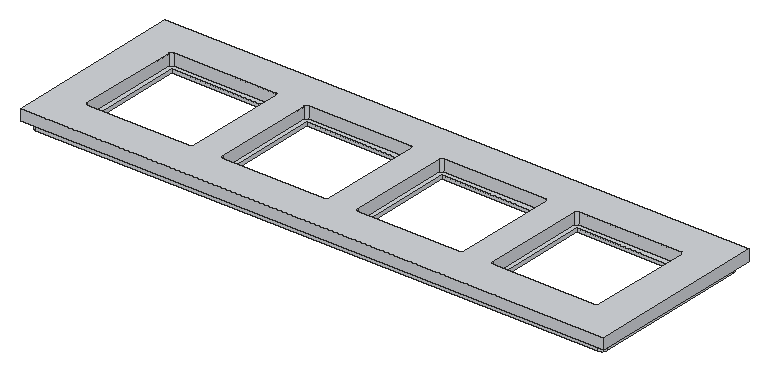
Revit family "Gira_021412", category Electrical Fixtures, host Face, Revit 2017
Family settings
  Host = Face
  Maintain Annotation Orientation = No
  Round Connector Dimension = Use Diameter
  Part Type = Normal
  Cut with Voids When Loaded = No
  Shared = No
  Room Calculation Point = No
Parameters (values of type "Abdeckrahmen 4f Gira Esprit G Weiß")
  Werkstoffgüte = "Echtglas"
  Werkstoff = "Glas"
  URL = "http://katalog.gira.de/de_DE/datenblatt.html?artikelnr=021412"
  Transparent = "No"
  Textfeld/Beschriftungsfläche = "No"
  Schutzart (IP) = "IP20"
  Region = "DE"
  Oberfläche = "sonstige"
  Name = "Abdeckrahmen 4f Gira Esprit G Weiß"
  Montagerichtung = "horizontal und vertikal"
  Mit Montagerahmen = "No"
  Mit Klappdeckel = "No"
  Manufacturer URL = "https://www.gira.de/"
  Keynote = "Espr._Rahmen_4fach"
  HeinzeBIM = "https://bimportal.heinze.de/bim/abdeckrahmen-4f-gira-esprit-g-weiss/3d7f772b78745eb52de39a3051022ab75fd9eed2"
  Halogenfrei = "No"
  HAN = "021412"
  Geeignet für Unterputz-Installation = "Yes"
  Geeignet für Unterflurkanaldose = "No"
  Geeignet für Geräteeinbaukanal = "No"
  Geeignet für Einbauinstallation = "No"
  GTIN = "4010337214120"
  Farbe = "weiß"
  Default Elevation = 1219.2 mm
  Data sheet (1) = "https://katalog.gira.de/de_DE/download.html?artikelnr=021412"
  Category = "Abdeckrahmen"
  Befestigungsart = "Klemmbefestigung"
  Available = "Yes"
  Anzahl der Einheiten vertikal = "4 "
  Anzahl der Einheiten horizontal = "4 "
  Anzahl der Einheiten = "4 "
Reference planes
  plane 1 "Center (Front/Back)": y = 0
  plane 2: z = 0
  plane 3 "Center (Left/Right)": x = 0
Forms (mm)
  Extrusion 1, solid, detail levels fine
    sketch origin (0, 0, 0) x (1, 0, 0) y (0, 1, 0)
      loop
        line (-154, 47.5) -> (-154, -47.5) -> (154, -47.5) -> (154, 47.5) -> (-154, 47.5)
      loop
        arc (-135.25, -26.8) -> (-134.811, -27.861) -> (-133.75, -28.3) r 1.5
        line (-133.75, -28.3) -> (-80.15, -28.3)
        arc (-80.15, -28.3) -> (-79.089, -27.861) -> (-78.65, -26.8) r 1.5
        line (-78.65, -26.8) -> (-78.65, 26.8)
        arc (-78.65, 26.8) -> (-79.089, 27.861) -> (-80.15, 28.3) r 1.5
        line (-80.15, 28.3) -> (-133.75, 28.3)
        arc (-133.75, 28.3) -> (-134.811, 27.861) -> (-135.25, 26.8) r 1.5
        line (-135.25, 26.8) -> (-135.25, -26.8)
      loop
        arc (-63.95, -26.8) -> (-63.511, -27.861) -> (-62.45, -28.3) r 1.5
        line (-62.45, -28.3) -> (-8.85, -28.3)
        arc (-8.85, -28.3) -> (-7.789, -27.861) -> (-7.35, -26.8) r 1.5
        line (-7.35, -26.8) -> (-7.35, 26.8)
        arc (-7.35, 26.8) -> (-7.789, 27.861) -> (-8.85, 28.3) r 1.5
        line (-8.85, 28.3) -> (-62.45, 28.3)
        arc (-62.45, 28.3) -> (-63.511, 27.861) -> (-63.95, 26.8) r 1.5
        line (-63.95, 26.8) -> (-63.95, -26.8)
      loop
        arc (7.35, -26.8) -> (7.789, -27.861) -> (8.85, -28.3) r 1.5
        line (8.85, -28.3) -> (62.45, -28.3)
        arc (62.45, -28.3) -> (63.511, -27.861) -> (63.95, -26.8) r 1.5
        line (63.95, -26.8) -> (63.95, 26.8)
        arc (63.95, 26.8) -> (63.511, 27.861) -> (62.45, 28.3) r 1.5
        line (62.45, 28.3) -> (8.85, 28.3)
        arc (8.85, 28.3) -> (7.789, 27.861) -> (7.35, 26.8) r 1.5
        line (7.35, 26.8) -> (7.35, -26.8)
      loop
        arc (78.65, -26.8) -> (79.089, -27.861) -> (80.15, -28.3) r 1.5
        line (80.15, -28.3) -> (133.75, -28.3)
        arc (133.75, -28.3) -> (134.811, -27.861) -> (135.25, -26.8) r 1.5
        line (135.25, -26.8) -> (135.25, 26.8)
        arc (135.25, 26.8) -> (134.811, 27.861) -> (133.75, 28.3) r 1.5
        line (133.75, 28.3) -> (80.15, 28.3)
        arc (80.15, 28.3) -> (79.089, 27.861) -> (78.65, 26.8) r 1.5
        line (78.65, 26.8) -> (78.65, -26.8)
    from 0 to 6
  Extrusion 2, solid, detail levels fine
    sketch origin (0, 0, 0) x (1, 0, 0) y (0, 1, 0)
      loop
        line (-132.85, -25.7) -> (-81.05, -25.7) -> (-81.05, 25.7) -> (-132.85, 25.7) -> (-132.85, -25.7)
      loop
        line (61.55, 25.7) -> (9.75, 25.7) -> (9.75, -25.7) -> (61.55, -25.7) -> (61.55, 25.7)
      loop
        arc (-149.85, -41.4) -> (-149.323, -42.673) -> (-148.05, -43.2) r 1.8
        line (-148.05, -43.2) -> (148.05, -43.2)
        arc (148.05, -43.2) -> (149.323, -42.673) -> (149.85, -41.4) r 1.8
        line (149.85, -41.4) -> (149.85, 41.4)
        arc (149.85, 41.4) -> (149.323, 42.673) -> (148.05, 43.2) r 1.8
        line (148.05, 43.2) -> (-148.05, 43.2)
        arc (-148.05, 43.2) -> (-149.323, 42.673) -> (-149.85, 41.4) r 1.8
        line (-149.85, 41.4) -> (-149.85, -41.4)
      loop
        line (-9.75, 25.7) -> (-61.55, 25.7) -> (-61.55, -25.7) -> (-9.75, -25.7) -> (-9.75, 25.7)
      loop
        line (132.85, 25.7) -> (81.05, 25.7) -> (81.05, -25.7) -> (132.85, -25.7) -> (132.85, 25.7)
    from -1.9 to 0
  Extrusion 3, solid, detail levels fine
    sketch origin (0, 0, 0) x (1, 0, 0) y (0, 1, 0)
      loop
        arc (-148.05, 44.4) -> (-150.171, 43.521) -> (-151.05, 41.4) r 3
        line (-151.05, 41.4) -> (-151.05, -41.4)
        arc (-151.05, -41.4) -> (-150.171, -43.521) -> (-148.05, -44.4) r 3
        line (-148.05, -44.4) -> (148.05, -44.4)
        arc (148.05, -44.4) -> (150.171, -43.521) -> (151.05, -41.4) r 3
        line (151.05, -41.4) -> (151.05, 41.4)
        arc (151.05, 41.4) -> (150.171, 43.521) -> (148.05, 44.4) r 3
        line (148.05, 44.4) -> (-148.05, 44.4)
      loop
        arc (-149.85, -41.4) -> (-149.323, -42.673) -> (-148.05, -43.2) r 1.8
        line (-148.05, -43.2) -> (148.05, -43.2)
        arc (148.05, -43.2) -> (149.323, -42.673) -> (149.85, -41.4) r 1.8
        line (149.85, -41.4) -> (149.85, 41.4)
        arc (149.85, 41.4) -> (149.323, 42.673) -> (148.05, 43.2) r 1.8
        line (148.05, 43.2) -> (-148.05, 43.2)
        arc (-148.05, 43.2) -> (-149.323, 42.673) -> (-149.85, 41.4) r 1.8
        line (-149.85, 41.4) -> (-149.85, -41.4)
    from -3.7 to 0
  Extrusion 4, solid, detail levels medium
    sketch origin (0, 0, 0) x (1, 0, 0) y (0, 1, 0)
      loop
        line (-154, 47.5) -> (-154, -47.5) -> (154, -47.5) -> (154, 47.5) -> (-154, 47.5)
    from 0 to 6
  Extrusion 5, solid, detail levels medium
    sketch origin (0, 0, 0) x (1, 0, 0) y (0, 1, 0)
      loop
        line (-154, 44.4) -> (-154, -44.4) -> (154, -44.4) -> (154, 44.4) -> (-154, 44.4)
    from -3.7 to 0
  Extrusion 6, solid, detail levels coarse
    sketch origin (0, 0, 0) x (1, 0, 0) y (0, 1, 0)
      loop
        line (-154, 47.5) -> (-154, -47.5) -> (154, -47.5) -> (154, 47.5) -> (-154, 47.5)
    from -3.7 to 6
Dimensions and locks
  aligned and locked: plane 2 to host face
  aligned and locked: level to host face
